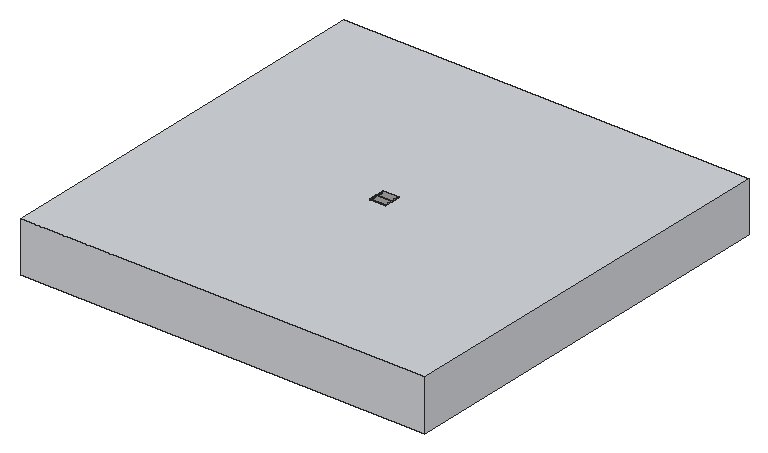
Revit family "Gira_5022126", category Elektroinstallationen, Revit 2017
Family settings
  Basisbauteil = Fläche
  Beschriftungsausrichtung beibehalten = Nein
  Bemaßung runder Anschluss = Durchmesser verwenden
  Teiletyp = Normal
  Beim Laden mit Abzugskörper schneiden = Nein
  Gemeinsam genutzt = Nein
  Raumberechnungspunkt = Nein
Parameters (values of type "Wippenset 2f Tastsens.4 TS4 Alum.Schwarz")
  Werkstoffgüte = "Aluminium"
  Werkstoff Text = "Metall"
  Default Elevation = 1219.2 mm
  URL = "https://www.gira.de/"
  Typname = "Wippenset 2f Tastsens.4 TS4 Alum.Schwarz"
  Type Comments = ""
  Transparent = no
  Produktseite = "https://media.stage.bim.site/t/eyJhbGciOiJIUzI1NiIsInR5cCI6IkpXVCJ9.eyJjdCI6MiwidHUiOiJodHRwOi8va2F0YWxvZy5naXJhLmRlL2RlX0RFL2RhdGVuYmxhdHQuaHRtbD9hcnRpa2VsbnI9NTAyMjEyNiIsImNpZCI6IjMyNzdjYzIzLTgxYTktNGVlMy1hOTBhLWI0N2JiNGMwYjYxNiIsInJpZCI6Ijg2MDJiMWQ4Zjk5ODQyNjVmN2FjMDA5OWZhMDNlMWRlIiwicGlkIjoiMmY5OWEyYzFhZjZmZjU2ODQzYWM0MTc0Njg4ZGVjODMwMjFlYzI3MSIsInNpZCI6IjYzNDcwIiwidXQiOjEsImxjIjoiZGUiLCJpYXQiOjE2MDA5NDUzNjksImlzcyI6Imh0dHBzOi8vYXBpLmxpdmUuYmltLnNpdGUiLCJzdWIiOiJhZG1pbkBiaW1zaXRlLmRldiJ9.bwderWiBbO2xLXYOAsmBhiYACUfiNxNn9-1YGFZ2xfE"
  Model = ""
  Cost = 0
  Hersteller = "Gira"
  HeinzeBIM = "https://www.heinze.de/bim/wippenset-2f-tastsens-4-ts4-alum-schwarz/2f99a2c1af6ff56843ac4174688dec83021ec271"
  HAN = "5022126"
  GTIN = "4010337072188"
  Funk bidirektional = no
  Farbe = "schwarz"
  Datenblatt 1 = "https://media.stage.bim.site/t/eyJhbGciOiJIUzI1NiIsInR5cCI6IkpXVCJ9.eyJjdCI6MSwidGYiOiJwdWJsaWMvZ2lyYS9hZThjNTU3LzUwMjIxMjYudHh0IiwiY2lkIjoiMzI3N2NjMjMtODFhOS00ZWUzLWE5MGEtYjQ3YmI0YzBiNjE2IiwicmlkIjoiODYwMmIxZDhmOTk4NDI2NWY3YWMwMDk5ZmEwM2UxZGUiLCJwaWQiOiIyZjk5YTJjMWFmNmZmNTY4NDNhYzQxNzQ2ODhkZWM4MzAyMWVjMjcxIiwic2lkIjoiNjM0NzAiLCJ1dCI6MSwibGMiOiJkZSIsImlhdCI6MTYwMDk0NTM2OSwiaXNzIjoiaHR0cHM6Ly9hcGkubGl2ZS5iaW0uc2l0ZSIsInN1YiI6ImFkbWluQGJpbXNpdGUuZGV2In0.5E3EBQP89Jb3ov3_0COp0RzhFo7XqSZfy1rIfZF7w70/5022126.txt"
  Datenblatt = "https://media.stage.bim.site/t/eyJhbGciOiJIUzI1NiIsInR5cCI6IkpXVCJ9.eyJjdCI6MSwidHUiOiJodHRwczovL2thdGFsb2cuZ2lyYS5kZS9kZV9ERS9kb3dubG9hZC5odG1sP2FydGlrZWxucj01MDIyMTI2IiwiY2lkIjoiMzI3N2NjMjMtODFhOS00ZWUzLWE5MGEtYjQ3YmI0YzBiNjE2IiwicmlkIjoiODYwMmIxZDhmOTk4NDI2NWY3YWMwMDk5ZmEwM2UxZGUiLCJwaWQiOiIyZjk5YTJjMWFmNmZmNTY4NDNhYzQxNzQ2ODhkZWM4MzAyMWVjMjcxIiwic2lkIjoiNjM0NzAiLCJ1dCI6MSwibGMiOiJkZSIsImlhdCI6MTYwMDk0NTM2OSwiaXNzIjoiaHR0cHM6Ly9hcGkubGl2ZS5iaW0uc2l0ZSIsInN1YiI6ImFkbWluQGJpbXNpdGUuZGV2In0.iaMr024SQrDOGpMyqxp4AEbGW_DlhB8tyNbmy5ATz4U"
  Bussystem Powernet = no
  Bussystem LON = no
  Bussystem KNX-Funk = no
  Bussystem KNX = yes
  Bussystem Funkbus = no
  Beschreibung = "Wippenset 2fach für Tastsensor 4  Aluminium Schwarz Hinweise :  Beschreibbare Wippensets können mit einer individuellen Beschriftung versehen werden. Die Bestellung wird über den Großhandel abgewickelt, der beim Bestellvorgang der Wippen angegeben wurde."
  Assembly Code = ""
  Keynote = ""
  BIMSITE_PRODUCT_ID = "2f99a2c1af6ff56843ac4174688dec83021ec271"
  BIM = "https://media.stage.bim.site/t/eyJhbGciOiJIUzI1NiIsInR5cCI6IkpXVCJ9.eyJjdCI6MSwidGYiOiJwdWJsaWMvZ2lyYS9hZThjNTU3LzQwXzUwMjIwMCBUUzQgV2lwcGVuc2V0IDJmYWNoLnJmYSIsImNpZCI6IjMyNzdjYzIzLTgxYTktNGVlMy1hOTBhLWI0N2JiNGMwYjYxNiIsInJpZCI6Ijg2MDJiMWQ4Zjk5ODQyNjVmN2FjMDA5OWZhMDNlMWRlIiwicGlkIjoiMmY5OWEyYzFhZjZmZjU2ODQzYWM0MTc0Njg4ZGVjODMwMjFlYzI3MSIsInNpZCI6IjYzNDcwIiwidXQiOjUsImxjIjoiZGUiLCJpYXQiOjE2MDA5NDUzNjksImlzcyI6Imh0dHBzOi8vYXBpLmxpdmUuYmltLnNpdGUiLCJzdWIiOiJhZG1pbkBiaW1zaXRlLmRldiJ9.UNXRC3btCampOYq1HAA6l2imYGK3G29FaY8jGz0cCQo/40_502200 TS4 Wippenset 2fach.rfa"
  Andere Bussysteme = "ohne"
Reference planes
  plane 1 "Center (Front/Back)": y = 0
  plane 2: z = 0
  plane 3 "Center (Left/Right)": x = 0
Forms (mm)
  Extrusion 1, solid
    sketch origin (0, 0, 0) x (1, 0, 0) y (0, 1, 0)
      loop
        line (-1219.2, 1219.2) -> (-1219.2, -1219.2) -> (1219.2, -1219.2) -> (1219.2, 1219.2) -> (-1219.2, 1219.2)
    from 0 to -304.8
Dimensions and locks
  aligned and locked: plane 2 to Extrusion 1
  aligned and locked: level to Extrusion 1
Nested families
  nested 1: "40_502100 TS4 Wippenset 2fach" at (0, 0, 0), type "40_502100 TS4 Wippenset 2fach"
Definition of nested family "40_502100 TS4 Wippenset 2fach"
  Parameters
    White = none
  Reference planes
    plane 1 "Center (Front/Back)": y = 0
    plane 2: z = 0
    plane 3 "Center (Left/Right)": x = 0
  Forms (mm)
    Extrusion 1, solid, material <- "White", detail levels fine
      sketch origin (0, 0, 0) x (1, 0, 0) y (0, 1, 0)
        loop
          arc (-46.5, 47.5) -> (-47.207, 47.207) -> (-47.5, 46.5) r 1
          line (-47.5, 46.5) -> (-47.5, 24.8) -> (-42.5, 24.8)
          arc (-42.5, 24.8) -> (-41.5, 23.8) -> (-42.5, 22.8) r 1
          line (-42.5, 22.8) -> (-47.5, 22.8) -> (-47.5, 1.15)
          arc (-47.5, 1.15) -> (-47.207, 0.443) -> (-46.5, 0.15) r 1
          line (-46.5, 0.15) -> (46.5, 0.15)
          arc (46.5, 0.15) -> (47.207, 0.443) -> (47.5, 1.15) r 1
          line (47.5, 1.15) -> (47.5, 22.8) -> (42.5, 22.8)
          arc (42.5, 22.8) -> (41.5, 23.8) -> (42.5, 24.8) r 1
          line (42.5, 24.8) -> (47.5, 24.8) -> (47.5, 46.5)
          arc (47.5, 46.5) -> (47.207, 47.207) -> (46.5, 47.5) r 1
          line (46.5, 47.5) -> (-46.5, 47.5)
        loop
          arc (46.5, -47.5) -> (47.207, -47.207) -> (47.5, -46.5) r 1
          line (47.5, -46.5) -> (47.5, -24.8) -> (42.5, -24.8)
          arc (42.5, -24.8) -> (41.5, -23.8) -> (42.5, -22.8) r 1
          line (42.5, -22.8) -> (47.5, -22.8) -> (47.5, -1.15)
          arc (47.5, -1.15) -> (47.207, -0.443) -> (46.5, -0.15) r 1
          line (46.5, -0.15) -> (-46.5, -0.15)
          arc (-46.5, -0.15) -> (-47.207, -0.443) -> (-47.5, -1.15) r 1
          line (-47.5, -1.15) -> (-47.5, -22.8) -> (-42.5, -22.8)
          arc (-42.5, -22.8) -> (-41.5, -23.8) -> (-42.5, -24.8) r 1
          line (-42.5, -24.8) -> (-47.5, -24.8) -> (-47.5, -46.5)
          arc (-47.5, -46.5) -> (-47.207, -47.207) -> (-46.5, -47.5) r 1
          line (-46.5, -47.5) -> (46.5, -47.5)
      from 0 to 3.1
    Extrusion 2, solid, material <- "White", detail levels fine
      sketch origin (0, 0, 0) x (1, 0, 0) y (0, 1, 0)
        loop
          line (43.976, 44.188) -> (-43.976, 44.188) -> (-43.976, 0.15) -> (43.976, 0.15) -> (43.976, 44.188)
        loop
          line (43.976, -44.188) -> (43.976, -0.15) -> (-43.976, -0.15) -> (-43.976, -44.188) -> (43.976, -44.188)
      from 0 to -1.5
    Extrusion 3, solid, detail levels fine
      sketch origin (0, 0, 0) x (1, 0, 0) y (0, 0, 1)
        loop
          arc (-1.639, -4) -> (-1.115, -3.694) -> (-1.122, -3.087) r 0.603
          arc (-1.122, -3.087) -> (-0.011, -1.666) -> (1.122, -3.087) r 1.145
          arc (1.122, -3.087) -> (1.115, -3.694) -> (1.639, -4) r 0.603
          line (1.639, -4) -> (2.5, -4) -> (3.5, -1.5) -> (-3.5, -1.5) -> (-2.5, -4) -> (-1.639, -4)
      from 41.985 to 44.199
    Extrusion 4, solid, detail levels fine
      sketch origin (0, 0, 0) x (1, 0, 0) y (0, 0, -1)
        loop
          line (-1.639, 4) -> (-2.5, 4) -> (-3.5, 1.5) -> (3.5, 1.5) -> (2.5, 4) -> (1.639, 4)
          arc (1.639, 4) -> (1.115, 3.694) -> (1.122, 3.087) r 0.603
          arc (1.122, 3.087) -> (-0.011, 1.666) -> (-1.122, 3.087) r 1.145
          arc (-1.122, 3.087) -> (-1.115, 3.694) -> (-1.639, 4) r 0.603
      from 41.985 to 44.199
    Extrusion 5, solid, material <- "White", detail levels medium
      sketch origin (0, 0, 0) x (1, 0, 0) y (0, 1, 0)
        loop
          line (43.976, 44.188) -> (-43.976, 44.188) -> (-43.976, 0.15) -> (43.976, 0.15) -> (43.976, 44.188)
        loop
          line (43.976, -44.188) -> (43.976, -0.15) -> (-43.976, -0.15) -> (-43.976, -44.188) -> (43.976, -44.188)
      from 0 to -4
    Extrusion 6, solid, material <- "White", detail levels medium
      sketch origin (0, 0, 0) x (1, 0, 0) y (0, 1, 0)
        loop
          line (-47.5, 47.5) -> (-47.5, 0.15) -> (47.5, 0.15) -> (47.5, 47.5) -> (-47.5, 47.5)
        loop
          line (47.5, -47.5) -> (47.5, -0.15) -> (-47.5, -0.15) -> (-47.5, -47.5) -> (47.5, -47.5)
      from 0 to 3.3
    Extrusion 7, solid, material <- "White", detail levels fine
      sketch origin (0, 0, 0) x (1, 0, 0) y (0, 1, 0)
        loop
          line (-43.976, 44.188) -> (-43.976, 40.908) -> (-42.655, 40.908) -> (-42.655, 44.188) -> (-43.976, 44.188)
        loop
          line (43.976, 44.188) -> (42.655, 44.188) -> (42.655, 40.908) -> (43.976, 40.908) -> (43.976, 44.188)
        loop
          line (-43.976, -44.188) -> (-42.655, -44.188) -> (-42.655, -40.908) -> (-43.976, -40.908) -> (-43.976, -44.188)
        loop
          line (43.976, -44.188) -> (43.976, -40.908) -> (42.655, -40.908) -> (42.655, -44.188) -> (43.976, -44.188)
      from 0 to -4
    Extrusion 8, solid, detail levels fine
      sketch origin (0, 0, 0) x (1, 0, 0) y (0, 1, 0)
        loop
          line (-47.5, 24.8) -> (-47.5, 22.8) -> (-42.5, 22.8)
          arc (-42.5, 22.8) -> (-41.5, 23.8) -> (-42.5, 24.8) r 1
          line (-42.5, 24.8) -> (-47.5, 24.8)
        loop
          line (47.5, 24.8) -> (42.5, 24.8)
          arc (42.5, 24.8) -> (41.5, 23.8) -> (42.5, 22.8) r 1
          line (42.5, 22.8) -> (47.5, 22.8) -> (47.5, 24.8)
        loop
          line (-47.5, -24.8) -> (-42.5, -24.8)
          arc (-42.5, -24.8) -> (-41.5, -23.8) -> (-42.5, -22.8) r 1
          line (-42.5, -22.8) -> (-47.5, -22.8) -> (-47.5, -24.8)
        loop
          line (47.5, -24.8) -> (47.5, -22.8) -> (42.5, -22.8)
          arc (42.5, -22.8) -> (41.5, -23.8) -> (42.5, -24.8) r 1
          line (42.5, -24.8) -> (47.5, -24.8)
      from 0 to 3.3
    Extrusion 9, solid, detail levels coarse
      sketch origin (0, 0, 0) x (1, 0, 0) y (0, 1, 0)
        loop
          line (-47.5, 47.5) -> (-47.5, -47.5) -> (47.5, -47.5) -> (47.5, 47.5) -> (-47.5, 47.5)
      from -4 to 3.3
    Extrusion 10, solid, material <- "White", detail levels fine
      sketch origin (0, 23.8, 0) x (1, 0, 0) y (0, 1, 0)
        loop
          line (-41.852, 6.181) -> (-43.976, 4.461) -> (-43.976, -4.461) -> (-41.852, -6.181)
          arc (-41.852, -6.181) -> (-38.884, -6.014) -> (-38.763, -3.043) r 2.212
          line (-38.763, -3.043) -> (-38.763, 3.043)
          arc (-38.763, 3.043) -> (-38.884, 6.014) -> (-41.852, 6.181) r 2.212
        loop
          arc (-39.415, 3.847) -> (-39.669, 5.38) -> (-41.223, 5.404) r 1.212
          line (-41.223, 5.404) -> (-42.938, 4.015) -> (-40.57, 1.883) -> (-39.415, 3.847)
        loop
          line (-39.415, -3.847) -> (-40.57, -1.883) -> (-42.938, -4.015) -> (-41.223, -5.404)
          arc (-41.223, -5.404) -> (-39.669, -5.38) -> (-39.415, -3.847) r 1.212
        loop
          arc (41.852, 6.181) -> (38.884, 6.014) -> (38.763, 3.043) r 2.212
          line (38.763, 3.043) -> (38.763, -3.043)
          arc (38.763, -3.043) -> (38.884, -6.014) -> (41.852, -6.181) r 2.212
          line (41.852, -6.181) -> (43.976, -4.461) -> (43.976, 4.461) -> (41.852, 6.181)
        loop
          line (39.415, 3.847) -> (40.57, 1.883) -> (42.938, 4.015) -> (41.223, 5.404)
          arc (41.223, 5.404) -> (39.669, 5.38) -> (39.415, 3.847) r 1.212
        loop
          arc (39.415, -3.847) -> (39.669, -5.38) -> (41.223, -5.404) r 1.212
          line (41.223, -5.404) -> (42.938, -4.015) -> (40.57, -1.883) -> (39.415, -3.847)
      from 0 to -3.6
    Extrusion 11, solid, detail levels fine
      sketch origin (0, -22.503, 0) x (1, 0, 0) y (0, 0, -1)
        loop
          line (-1.639, 4) -> (-2.5, 4) -> (-3.5, 1.5) -> (3.5, 1.5) -> (2.5, 4) -> (1.639, 4)
          arc (1.639, 4) -> (1.115, 3.694) -> (1.122, 3.087) r 0.603
          arc (1.122, 3.087) -> (-0.011, 1.666) -> (-1.122, 3.087) r 1.145
          arc (-1.122, 3.087) -> (-1.115, 3.694) -> (-1.639, 4) r 0.603
      from 28.117 to 25.903
    Extrusion 12, solid, material <- "White", detail levels fine
      sketch origin (0, -25, 0) x (1, 0, 0) y (0, 1, 0)
        loop
          line (-43.976, 21.601) -> (-43.976, 18.309) -> (-42.655, 18.309) -> (-42.655, 21.601) -> (-43.976, 21.601)
        loop
          line (43.976, 21.601) -> (42.655, 21.601) -> (42.655, 18.309) -> (43.976, 18.309) -> (43.976, 21.601)
        loop
          line (-43.976, -19.188) -> (-42.655, -19.188) -> (-42.655, -15.908) -> (-43.976, -15.908) -> (-43.976, -19.188)
        loop
          line (43.976, -19.188) -> (43.976, -15.908) -> (42.655, -15.908) -> (42.655, -19.188) -> (43.976, -19.188)
      from 0 to -4
    Extrusion 13, solid, material <- "White", detail levels fine
      sketch origin (0, -23.8, 0) x (1, 0, 0) y (0, 1, 0)
        loop
          arc (-41.852, -6.181) -> (-38.884, -6.014) -> (-38.763, -3.043) r 2.212
          line (-38.763, -3.043) -> (-38.763, 3.043)
          arc (-38.763, 3.043) -> (-38.884, 6.014) -> (-41.852, 6.181) r 2.212
          line (-41.852, 6.181) -> (-43.976, 4.461) -> (-43.976, -4.461) -> (-41.852, -6.181)
        loop
          line (-39.415, -3.847) -> (-40.57, -1.883) -> (-42.938, -4.015) -> (-41.223, -5.404)
          arc (-41.223, -5.404) -> (-39.669, -5.38) -> (-39.415, -3.847) r 1.212
        loop
          arc (-39.415, 3.847) -> (-39.669, 5.38) -> (-41.223, 5.404) r 1.212
          line (-41.223, 5.404) -> (-42.938, 4.015) -> (-40.57, 1.883) -> (-39.415, 3.847)
        loop
          line (41.852, -6.181) -> (43.976, -4.461) -> (43.976, 4.461) -> (41.852, 6.181)
          arc (41.852, 6.181) -> (38.884, 6.014) -> (38.763, 3.043) r 2.212
          line (38.763, 3.043) -> (38.763, -3.043)
          arc (38.763, -3.043) -> (38.884, -6.014) -> (41.852, -6.181) r 2.212
        loop
          arc (39.415, -3.847) -> (39.669, -5.38) -> (41.223, -5.404) r 1.212
          line (41.223, -5.404) -> (42.938, -4.015) -> (40.57, -1.883) -> (39.415, -3.847)
        loop
          line (39.415, 3.847) -> (40.57, 1.883) -> (42.938, 4.015) -> (41.223, 5.404)
          arc (41.223, 5.404) -> (39.669, 5.38) -> (39.415, 3.847) r 1.212
      from 0 to -3.6
    Extrusion 14, solid, detail levels fine
      sketch origin (0, 22.503, 0) x (1, 0, 0) y (0, 0, 1)
        loop
          arc (-1.639, -4) -> (-1.115, -3.694) -> (-1.122, -3.087) r 0.603
          arc (-1.122, -3.087) -> (-0.011, -1.666) -> (1.122, -3.087) r 1.145
          arc (1.122, -3.087) -> (1.115, -3.694) -> (1.639, -4) r 0.603
          line (1.639, -4) -> (2.5, -4) -> (3.5, -1.5) -> (-3.5, -1.5) -> (-2.5, -4) -> (-1.639, -4)
      from 28.117 to 25.903
    Extrusion 15, solid, material <- "White", detail levels fine
      sketch origin (0, 25, 0) x (1, 0, 0) y (0, 1, 0)
        loop
          line (-43.976, -21.601) -> (-42.655, -21.601) -> (-42.655, -18.309) -> (-43.976, -18.309) -> (-43.976, -21.601)
        loop
          line (43.976, -21.601) -> (43.976, -18.309) -> (42.655, -18.309) -> (42.655, -21.601) -> (43.976, -21.601)
        loop
          line (-43.976, 19.188) -> (-43.976, 15.908) -> (-42.655, 15.908) -> (-42.655, 19.188) -> (-43.976, 19.188)
        loop
          line (43.976, 19.188) -> (42.655, 19.188) -> (42.655, 15.908) -> (43.976, 15.908) -> (43.976, 19.188)
      from 0 to -4
  Cuts and joins
    joined: Extrusion 2, Extrusion 7, Extrusion 10
  Dimensions and locks
    aligned and locked: level to plane 2
